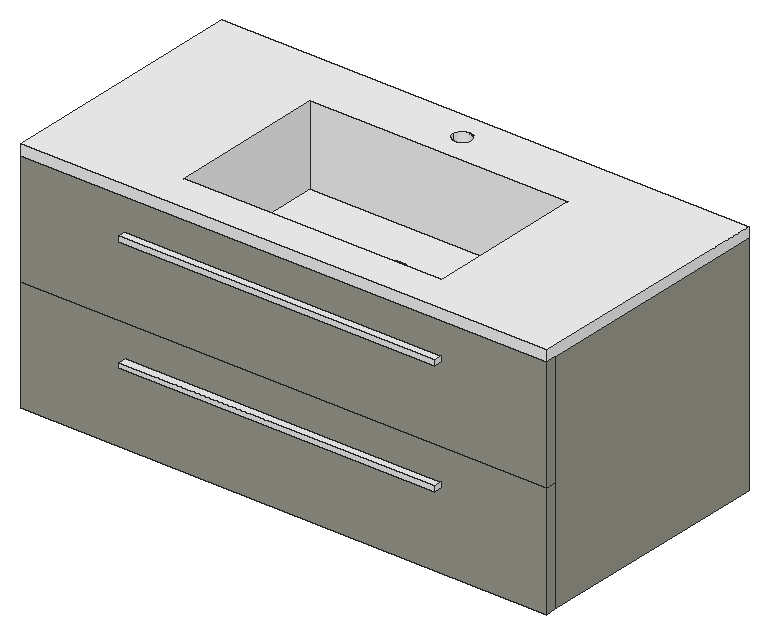
Revit family "MUEBLE SENSE 1000 BRUSHED GREY", category Generic Models, Revit 2019
Family settings
  Can host rebar = No
  Round Connector Dimension = Use Diameter
  Part Type = Normal
  Work Plane-Based = No
  Always vertical = Yes
  Cut with Voids When Loaded = No
  Shared = No
  Room Calculation Point = No
Parameters (values of type "ORANS Mueble Orlando Fume (MFC 034) 060,5cm ancho")
  URL = ""
  Profundidad receptáculo = 150 mm
  Prof lavamanos = 300 mm
  Prof borde cub trasero = 110 mm
  Model = ""
  Material tirador = Acero semi pulido
  Material frentes = BLANCO
  Material cubierta = Loza blanco brillo
  Material costados = BLANCO
  Manufacturer = ""
  Largo = 800 mm
  Largo receptáculo = if(Largo = 605 mm, 426 mm, 460 mm)  # 460 mm
  Description = ""
  Ancho tirador = 600 mm
  Ancho borde cub = 155 mm
  Ancho = 480 mm
  Amcho borde cub [instance] = 70 mm
  Alto [instance] = 450 mm
  ANCHO BORDE CUB [instance] = 70 mm
Types (12, lengths in mm): name | Prof lavamanos | Prof borde cub trasero | Material frentes | Material costados | Largo | Largo receptáculo | Ancho tirador | Ancho borde cub | Ancho | Alto
  ORANS Mueble Orlando Fume (MFC 034) 060,5cm ancho | 300 | 110 | BLANCO | BLANCO | 800 | 460 | 600 | 155 | 480 | 450
  ORANS Mueble Orlando Fume (MFC 034) 070,5cm ancho | 275 | 115 | Fume (MFC 034) horizontal | Fume (MFC 034) vertical | 705 | 460 | 250 | 70 | 465 | 570
  ORANS Mueble Orlando Fume (MFC 034) 080,5cm ancho | 275 | 115 | Fume (MFC 034) horizontal | Fume (MFC 034) vertical | 805 | 460 | 250 | 70 | 465 | 570
  ORANS Mueble Orlando Fume (MFC 034) 100,5cm ancho | 275 | 115 | Fume (MFC 034) horizontal | Fume (MFC 034) vertical | 1050 | 460 | 250 | 70 | 465 | 570
  ORANS Mueble Orlando Haya Light (MFC 030) 060,5cm ancho | 275 | 115 | Haya Light (MFC 030) horizontal | Haya Light (MFC 030) vertical | 605 | 426 | 250 | 70 | 465 | 570
  ORANS Mueble Orlando Haya Light (MFC 030) 070,5cm ancho | 275 | 115 | Haya Light (MFC 030) horizontal | Haya Light (MFC 030) vertical | 705 | 460 | 250 | 70 | 465 | 570
  ORANS Mueble Orlando Haya Light (MFC 030) 080,5cm ancho | 275 | 115 | Haya Light (MFC 030) horizontal | Haya Light (MFC 030) vertical | 805 | 460 | 250 | 70 | 465 | 570
  ORANS Mueble Orlando Haya Light (MFC 030) 100,5cm ancho | 275 | 115 | Haya Light (MFC 030) horizontal | Haya Light (MFC 030) vertical | 1050 | 460 | 250 | 70 | 465 | 570
  ORANS Mueble Orlando Oak 1 (MFC 005) 060,5cm ancho | 275 | 115 | Oak1 (MFC 005) horizontal | Oak1 (MFC 005) vertical | 605 | 426 | 250 | 70 | 465 | 570
  ORANS Mueble Orlando Oak 1 (MFC 005) 070,5cm ancho | 275 | 115 | Oak1 (MFC 005) horizontal | Oak1 (MFC 005) vertical | 705 | 460 | 250 | 70 | 465 | 570
  ORANS Mueble Orlando Oak 1 (MFC 005) 080,5cm ancho | 275 | 115 | Oak1 (MFC 005) horizontal | Oak1 (MFC 005) vertical | 805 | 460 | 250 | 70 | 465 | 570
  ORANS Mueble Orlando Oak 1 (MFC 005) 100,5cm ancho | 275 | 115 | Oak1 (MFC 005) horizontal | Oak1 (MFC 005) vertical | 1050 | 460 | 250 | 70 | 465 | 570
Reference planes
  plane 1 "Center (Front/Back)": y = 0
  plane 2: z = 0
  plane 3 "Center (Left/Right)": x = 0
  plane 4: z = 430
  plane 5: z = 450
  plane 6: z = 215
Forms (mm)
  Extrusion 1, solid, material "Loza blanco brillo" <- "Material cubierta"
    sketch origin (0, 0, 0) x (1, 0, 0) y (0, 1, 0)
      loop
        line (-500, -480) -> (500, -480) -> (500, 0) -> (-500, 0) -> (-500, -480)
      loop
        line (-245, -110) -> (-245, -410) -> (245, -410) -> (245, -110) -> (-245, -110)
      loop
        circle (0, -55) r 17.5
    from 430 to 450
  Extrusion 2, solid, material "Loza blanco brillo" <- "Material cubierta"
    sketch origin (0, 0, 0) x (1, 0, 0) y (0, 1, 0)
      loop
        line (-255, -100) -> (-255, -420) -> (255, -420) -> (255, -100) -> (-255, -100)
      loop
        circle (0, -220) r 22.5
    from 290 to 430
  Extrusion 3, void
    sketch origin (0, 0, 0) x (1, 0, 0) y (0, 1, 0)
      loop
        line (-245, -110) -> (-245, -410) -> (245, -410) -> (245, -110) -> (-245, -110)
    from 300 to 430
  Extrusion 4, solid, material "BLANCO" <- "Material costados"
    sketch origin (0, 0, 0) x (1, 0, 0) y (0, 1, 0)
      loop
        line (-500, 0) -> (-500, -460) -> (-486.94, -460) -> (-486.94, 0) -> (-500, 0)
    from 0 to 430
  Extrusion 5, solid, material "BLANCO" <- "Material costados"
    sketch origin (590, 0, 0) x (1, 0, 0) y (0, 1, 0)
      loop
        line (-105, 0) -> (-105, -460) -> (-90, -460) -> (-90, 0) -> (-105, 0)
    from 0 to 430
  Extrusion 6, solid, material "BLANCO" <- "Material frentes"
    sketch origin (0, 0, 0) x (1, 0, 0) y (0, 0, 1)
      loop
        line (-500, 430) -> (-500, 215) -> (500, 215) -> (500, 430) -> (-500, 430)
    from 460 to 480
  Extrusion 7, solid, material "BLANCO" <- "Material frentes"
    sketch origin (0, 0, -200) x (1, 0, 0) y (0, 0, 1)
      loop
        line (-500, 415) -> (-500, 200) -> (500, 200) -> (500, 415) -> (-500, 415)
    from 460 to 480
  Extrusion 8, solid, material "Loza blanco brillo" <- "Material cubierta"
    sketch origin (0, 0, 0) x (1, 0, 0) y (0, 0, 1)
      loop
        line (-329.738, 300) -> (-329.738, 185) -> (335, 185) -> (335, 300) -> (-329.738, 300)
    from 450 to 460
  Extrusion 9, solid, material "Acero semi pulido"
    sketch origin (0, 0, 0) x (1, 0, 0) y (0, 0, 1)
      loop
        line (-300, 370) -> (-300, 360) -> (300, 360) -> (300, 370) -> (-300, 370)
    from 480 to 495.24
  Extrusion 10, solid, material "Acero semi pulido"
    sketch origin (0, 0, -215) x (1, 0, 0) y (0, 0, 1)
      loop
        line (-300, 370) -> (-300, 360) -> (300, 360) -> (300, 370) -> (-300, 370)
    from 480 to 495.24
  Extrusion 11, solid
    sketch origin (0, 0, 0) x (0, 1, 0) y (0, 0, 1)
      loop
        line (0, 430) -> (-20, 430) -> (-20, 20) -> (-460, 20) -> (-460, 0) -> (0, 0) -> (0, 430)
    from -486.94 to 485
Cuts and joins
  Extrusion 3 cuts Extrusion 2
  joined: Extrusion 1, Extrusion 2
Dimensions and locks
  locked: plane 5 to plane 4 at 20
  plane 5 to plane 4 = 20 mm
  "Alto": plane 5 to level
  locked: cut or joined group of Extrusion 1, Extrusion 2, Extrusion 3 to cut or joined group of Extrusion 1, Extrusion 2, Extrusion 3 at 140
  locked: cut or joined group of Extrusion 1, Extrusion 2, Extrusion 3 to cut or joined group of Extrusion 1, Extrusion 2, Extrusion 3 at 130
  equal spacing: plane 4, plane 6, level
  aligned and locked: Extrusion 1 sketch curve to plane 1 "Center (Front/Back)"
  aligned and locked: plane 5 to Extrusion 1
  aligned and locked: Extrusion 1 to plane 4
  aligned and locked: plane 4 to Extrusion 3
  aligned and locked: plane 3 "Center (Left/Right)" to Extrusion 1 sketch curve
  aligned and locked: plane 3 "Center (Left/Right)" to Extrusion 2 sketch curve
  aligned and locked: cut or joined group of Extrusion 1, Extrusion 2, Extrusion 3 to plane 1 "Center (Front/Back)"
  aligned and locked: cut or joined group of Extrusion 1, Extrusion 2, Extrusion 3 to plane 4
  aligned and locked: plane 4 to Extrusion 4
  aligned and locked: Extrusion 4 to plane 1 "Center (Front/Back)"
  aligned and locked: plane 4 to Extrusion 5
  aligned and locked: Extrusion 5 to level
  aligned and locked: Extrusion 5 to plane 4  (x2)
  aligned and locked: level to Extrusion 5  (x2)
  aligned and locked: Extrusion 4 to level
  aligned and locked: Extrusion 4 to plane 4  (x2)
  aligned and locked: plane 5 to cut or joined group of Extrusion 1, Extrusion 2, Extrusion 3
  aligned and locked: cut or joined group of Extrusion 1, Extrusion 2, Extrusion 3 to plane 5  (x2)
  aligned and locked: plane 4 to cut or joined group of Extrusion 1, Extrusion 2, Extrusion 3  (x2)
  aligned and locked: level to Extrusion 4
  aligned and locked: plane 6 to Extrusion 7
  aligned and locked: Extrusion 6 to plane 6
Automatic sketch dimensions
  plane 1 "Center (Front/Back)" to Extrusion 4 sketch curve = 0 mm
  plane 1 "Center (Front/Back)" to Extrusion 5 sketch curve = 0 mm
  Extrusion 6 sketch curve to plane 4 = 0 mm
  Extrusion 6 sketch curve to plane 6 = 0 mm
  Extrusion 7 sketch curve to level = 0 mm
  Extrusion 7 sketch curve to plane 6 = 0 mm
  Extrusion 8 sketch curve to plane 6 = 30 mm
  plane 6 to Extrusion 8 sketch curve = 85 mm
  Extrusion 9 sketch curve to plane 4 = 70 mm
  Extrusion 9 sketch curve to Extrusion 9 sketch curve = 10 mm
  Extrusion 10 sketch curve to plane 6 = 70 mm
  Extrusion 10 sketch curve to Extrusion 10 sketch curve = 10 mm
  Extrusion 1 sketch curve to plane 3 "Center (Left/Right)" = 245 mm
  Extrusion 1 sketch curve to Extrusion 1 sketch curve = 255 mm  (x2)
  plane 3 "Center (Left/Right)" to Extrusion 1 sketch curve = 245 mm
  Extrusion 2 sketch curve to plane 3 "Center (Left/Right)" = 255 mm
  plane 3 "Center (Left/Right)" to Extrusion 2 sketch curve = 255 mm
  Extrusion 3 sketch curve to plane 3 "Center (Left/Right)" = 245 mm
  plane 3 "Center (Left/Right)" to Extrusion 3 sketch curve = 245 mm
  Extrusion 4 sketch curve to plane 3 "Center (Left/Right)" = 500 mm
  Extrusion 4 sketch curve to Extrusion 4 sketch curve = 13.06 mm
  plane 3 "Center (Left/Right)" to Extrusion 5 sketch curve = 485 mm
  Extrusion 5 sketch curve to Extrusion 5 sketch curve = 15 mm
  Extrusion 6 sketch curve to plane 3 "Center (Left/Right)" = 500 mm
  plane 3 "Center (Left/Right)" to Extrusion 6 sketch curve = 500 mm
  Extrusion 7 sketch curve to plane 3 "Center (Left/Right)" = 500 mm
  plane 3 "Center (Left/Right)" to Extrusion 7 sketch curve = 500 mm
  Extrusion 8 sketch curve to plane 3 "Center (Left/Right)" = 329.738 mm
  plane 3 "Center (Left/Right)" to Extrusion 8 sketch curve = 335 mm
  Extrusion 9 sketch curve to plane 3 "Center (Left/Right)" = 300 mm
  plane 3 "Center (Left/Right)" to Extrusion 9 sketch curve = 300 mm
  Extrusion 10 sketch curve to plane 3 "Center (Left/Right)" = 300 mm
  plane 3 "Center (Left/Right)" to Extrusion 10 sketch curve = 300 mm
  plane 1 "Center (Front/Back)" to Extrusion 1 sketch curve = 55 mm
  plane 1 "Center (Front/Back)" to Extrusion 1 sketch curve = 110 mm
  Extrusion 1 sketch curve to Extrusion 1 sketch curve = 300 mm
  Extrusion 1 sketch curve to Extrusion 1 sketch curve = 70 mm
  plane 1 "Center (Front/Back)" to Extrusion 2 sketch curve = 420 mm
  plane 1 "Center (Front/Back)" to Extrusion 2 sketch curve = 220 mm
  plane 1 "Center (Front/Back)" to Extrusion 2 sketch curve = 100 mm
  plane 1 "Center (Front/Back)" to Extrusion 3 sketch curve = 410 mm
  plane 1 "Center (Front/Back)" to Extrusion 3 sketch curve = 110 mm
  plane 1 "Center (Front/Back)" to Extrusion 4 sketch curve = 460 mm
  plane 1 "Center (Front/Back)" to Extrusion 5 sketch curve = 460 mm
  Extrusion 11 sketch curve to level = 0 mm
  Extrusion 11 sketch curve to plane 4 = 0 mm
  Extrusion 11 sketch curve to plane 1 "Center (Front/Back)" = 0 mm
  plane 1 "Center (Front/Back)" to Extrusion 11 sketch curve = 20 mm
  Extrusion 11 sketch curve to Extrusion 11 sketch curve = 440 mm
  level to Extrusion 11 sketch curve = 20 mm
  radius of Extrusion 1 sketch curve = 17.5 mm
  radius of Extrusion 2 sketch curve = 22.5 mm
